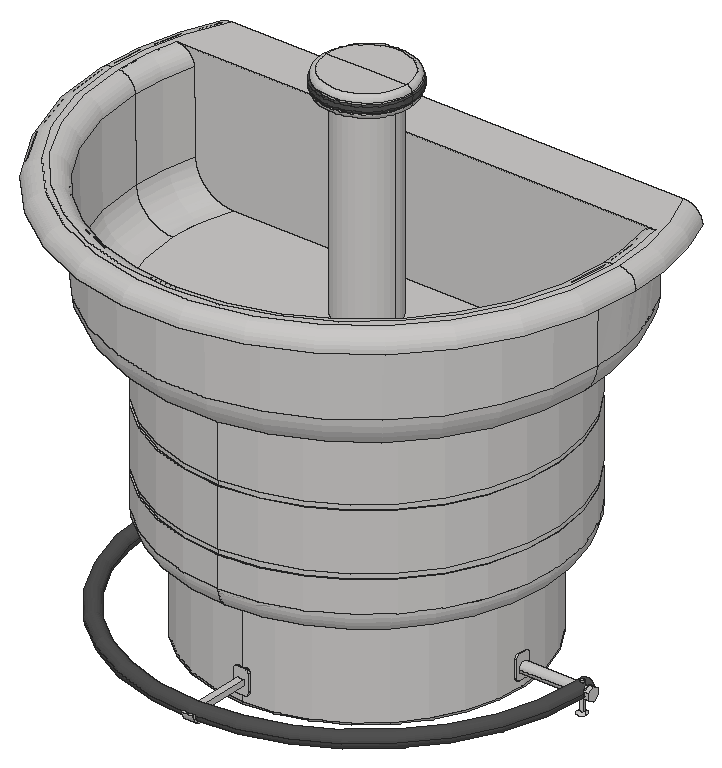
Revit family "Washfountain_Lavatory-Bradley_Corp-WF2703-Type_A_Drain", category Plumbing Fixtures, Revit 2012 (continued)
Automatic sketch dimensions
  curve 108 to curve 10 = 0.250"
  curve 108 to curve 109 = 0.11186"
  curve 10 to curve 116 = 0.73686"
  curve 10 to curve 113 = 1.000"
  curve 113 to curve 111 = 0.86186"
  curve 111 to curve 118 = 0.01928"
  curve 118 to curve 118 = 0.39728"
  curve 118 to curve 118 = 0.31998"
  curve 118 to curve 121 = 0.31998"
  curve 113 to curve 10 = 1.000"
  curve 10 to curve 114 = 0.625"
  curve 120 to curve 10 = 0.29642"
  curve 120 to curve 114 = 2.18152"
  curve 120 to curve 120 = 0.31998"  (x2)
  curve 10 to curve 115 = 3.69333"
  curve 120 to curve 120 = 0.39728"
  curve 114 to curve 112 = 4.76314"
  curve 118 to curve 118 = 0.17193"
  curve 120 to curve 114 = 0.46834"
  curve 121 to curve 115 = 2.89842"
  curve 115 to curve 115 = 1.000"
  curve 10 to curve 114 = 13.12502"
  curve 10 to curve 110 = 14.62567"
  curve 10 to curve 110 = 15.313"
  curve 10 to curve 113 = 15.313"
  curve 108 to curve 109 = 0.000"
  curve 123 to curve 122 = 0.000"
  curve 129 to curve 122 = 0.000"
  curve 130 to curve 122 = 0.000"
  curve 124 to curve 122 = 0.000"
  curve 123 to curve 122 = 2.56458"
  curve 122 to curve 129 = 1.000"
  curve 122 to curve 134 = 1.000"
  curve 122 to curve 133 = 1.000"
  curve 132 to curve 122 = 1.000"
  curve 131 to curve 132 = 0.000"
  curve 130 to curve 122 = 0.99987"
  curve 122 to curve 127 = 2.56458"
  curve 122 to curve 130 = 1.0786"
  curve 128 to curve 127 = 0.500"
  curve 122 to curve 126 = 14.12567"
  curve 126 to curve 125 = 0.500"
  curve 132 to curve 132 = 0.68733"
  curve 125 to curve 124 = 0.68733"
  curve 125 to curve 123 = 0.68733"
  curve 133 to curve 133 = 0.68733"
  curve 135 to curve 136 = 0.000"
  curve 96 to curve 136 = 1.37502"
  curve 96 to curve 136 = 6.02868"
  curve 84 to curve 136 = 6.02868"
  curve 93 to curve 98 = 0.9785"
  curve 93 to curve 103 = 1.17006"
  curve 103 to curve 103 = 0.55422"  (x2)
  curve 103 to curve 136 = 0.29642"
  curve 103 to curve 103 = 0.10867"
  curve 103 to curve 96 = 0.36284"
  curve 101 to curve 93 = 0.43861"
  curve 101 to curve 100 = 0.10867"
  curve 101 to curve 136 = 0.30441"
  curve 136 to curve 102 = 0.24981"
  curve 102 to curve 135 = 0.75019"
  curve 136 to curve 83 = 1.000"
  curve 135 to curve 94 = 0.41987"
  curve 83 to curve 92 = 1.93542"
  curve 92 to curve 91 = 0.12917"
  curve 90 to curve 136 = 1.41987"
  curve 83 to curve 136 = 1.000"
  curve 90 to curve 135 = 0.420"
  curve 105 to curve 136 = 0.35848"
  curve 105 to curve 106 = 0.10867"
  curve 136 to curve 105 = 0.30441"
  curve 136 to curve 86 = 0.52868"
  curve 88 to curve 105 = 0.32994"
  curve 136 to curve 99 = 1.50718"
  curve 104 to curve 97 = 2.42006"
  curve 97 to curve 107 = 0.4715"
  curve 107 to curve 107 = 0.55422"  (x2)
  curve 107 to curve 107 = 0.10867"
  curve 97 to curve 87 = 2.750"
  curve 136 to curve 105 = 0.29642"
  curve 103 to curve 103 = 0.04026"
  curve 105 to curve 105 = 0.04026"
  curve 106 to curve 97 = 1.0786"
  curve 93 to curve 98 = 2.602"
  curve 136 to curve 99 = 3.97702"
  curve 98 to curve 98 = 1.000"
  curve 99 to curve 99 = 1.000"
  curve 136 to curve 96 = 13.12502"
  curve 136 to curve 97 = 13.12502"
  curve 136 to curve 95 = 14.62567"
  curve 136 to curve 88 = 14.62567"
  curve 136 to curve 86 = 15.313"
  Extrusion 21 sketch curve to Extrusion 21 sketch curve = 0.000"  (x6)
  Extrusion 21 sketch curve to plane 12 = 0.000"  (x3)
  plane 3 "Center (Left/Right)" to Extrusion 21 sketch curve = 5.750"
  Extrusion 21 sketch curve to Extrusion 21 sketch curve = 0.87229"
  Extrusion 21 sketch curve to Extrusion 21 sketch curve = 0.25708"  (x5)
  Extrusion 21 sketch curve to Extrusion 21 sketch curve = 0.62063"  (x5)
  plane 12 to Extrusion 21 sketch curve = 0.62063"  (x2)
  Extrusion 21 sketch curve to plane 12 = 0.62063"  (x2)
  Extrusion 22 sketch curve to plane 12 = 0.000"
  plane 3 "Center (Left/Right)" to Extrusion 22 sketch curve = 4.000"
  profile plane to Sweep 23 sketch curve = 0.500"
  profile plane to Sweep 23 sketch curve = 1.42499"
  Extrusion 24 sketch curve to plane 12 = 0.42481"
  Extrusion 24 sketch curve to plane 12 = 0.05332"
  Extrusion 24 sketch curve to plane 12 = 0.05331"
  plane 12 to Extrusion 24 sketch curve = 0.31819"
  level to Extrusion 24 sketch curve = 0.99603"
  Extrusion 24 sketch curve to Extrusion 24 sketch curve = 0.21448"  (x2)
  Extrusion 24 sketch curve to Extrusion 24 sketch curve = 0.42897"  (x2)
  Extrusion 24 sketch curve to Extrusion 24 sketch curve = 0.21449"
  Extrusion 25 sketch curve to plane 12 = 0.42481"
  Extrusion 25 sketch curve to plane 12 = 0.05332"
  Extrusion 25 sketch curve to plane 12 = 0.05331"
  plane 12 to Extrusion 25 sketch curve = 0.31819"
  level to Extrusion 25 sketch curve = 0.99603"
  Extrusion 25 sketch curve to Extrusion 25 sketch curve = 0.21448"  (x2)
  Extrusion 25 sketch curve to Extrusion 25 sketch curve = 0.42897"  (x2)
  Extrusion 25 sketch curve to Extrusion 25 sketch curve = 0.21449"
  Extrusion 26 sketch curve to plane 12 = 0.05331"
  level to Extrusion 26 sketch curve = 1.425"
  Extrusion 27 sketch curve to plane 12 = 0.05331"
  level to Extrusion 27 sketch curve = 1.42499"
  Extrusion 28 sketch curve to plane 12 = 0.000"  (x2)
  plane 4 "Left" to Extrusion 28 sketch curve = 3.42187"
  Extrusion 28 sketch curve to plane 5 "Right" = 3.42187"
  Blend 29 sketch curve to plane 12 = 0.000"  (x2)
  plane 4 "Left" to Blend 29 sketch curve = 3.42187"  (x2)
  Blend 30 sketch curve to plane 12 = 0.000"  (x2)
  Blend 30 sketch curve to plane 5 "Right" = 3.42187"  (x2)
  Masking region 27 sketch curve to curve 163 = 1.9244"
  Masking region 27 sketch curve to curve 163 = 13.00846"
  curve 163 to Masking region 27 sketch curve = 1.100"
  Masking region 27 sketch curve to Masking region 27 sketch curve = 0.80046"
  Masking region 27 sketch curve to curve 163 = 0.92558"
  curve 163 to Masking region 27 sketch curve = 13.00846"
  Extrusion 31 sketch curve to plane 12 = 0.55331"
  Extrusion 31 sketch curve to plane 12 = 0.30331"  (x2)
  plane 12 to Extrusion 31 sketch curve = 0.19669"  (x2)
  Extrusion 31 sketch curve to Extrusion 31 sketch curve = 0.250"
  level to Extrusion 31 sketch curve = 0.671"
  Extrusion 31 sketch curve to Extrusion 31 sketch curve = 1.125"
  Extrusion 32 sketch curve to plane 12 = 0.55331"
  Extrusion 32 sketch curve to plane 12 = 0.30331"
  Extrusion 32 sketch curve to Extrusion 32 sketch curve = 0.250"  (x2)
  plane 12 to Extrusion 32 sketch curve = 0.19669"  (x2)
  level to Extrusion 32 sketch curve = 0.671"
  Extrusion 32 sketch curve to Extrusion 32 sketch curve = 1.125"
  Masking region 28 sketch curve to Masking region 28 sketch curve = 0.000"  (x12)
  Masking region 28 sketch curve to level = 0.000"  (x2)
  plane 4 "Left" to Masking region 28 sketch curve = 2.67187"
  Masking region 28 sketch curve to Masking region 28 sketch curve = 0.3125"  (x2)
  Masking region 28 sketch curve to Masking region 28 sketch curve = 0.1105"
  Masking region 28 sketch curve to Masking region 28 sketch curve = 0.1734"
  Masking region 28 sketch curve to Masking region 28 sketch curve = 0.17342"
  Masking region 28 sketch curve to Masking region 28 sketch curve = 0.14408"
  Masking region 28 sketch curve to Masking region 28 sketch curve = 0.207"  (x5)
  Masking region 28 sketch curve to Masking region 28 sketch curve = 0.18967"
  Masking region 28 sketch curve to Masking region 28 sketch curve = 0.240"  (x4)
  Masking region 28 sketch curve to Masking region 28 sketch curve = 3.84177"
  Masking region 28 sketch curve to Masking region 28 sketch curve = 0.125"  (x2)
  level to Masking region 28 sketch curve = 2.296"
  Masking region 28 sketch curve to plane 5 "Right" = 7.50863"
  Masking region 28 sketch curve to Masking region 28 sketch curve = 3.63477"
  Masking region 28 sketch curve to Masking region 28 sketch curve = 0.05033"
  level to Masking region 28 sketch curve = 0.1445"  (x4)
  Masking region 28 sketch curve to Masking region 28 sketch curve = 0.14409"  (x2)
  Masking region 28 sketch curve to Masking region 28 sketch curve = 0.20127"  (x2)
  Masking region 28 sketch curve to Masking region 28 sketch curve = 0.33574"
  level to Masking region 28 sketch curve = 0.671"  (x2)
  Masking region 28 sketch curve to Masking region 28 sketch curve = 0.78363"  (x2)
  Masking region 28 sketch curve to Masking region 28 sketch curve = 0.03488"  (x2)
  Masking region 28 sketch curve to Masking region 28 sketch curve = 0.03303"  (x2)
  Masking region 28 sketch curve to Masking region 28 sketch curve = 0.05746"
  Masking region 28 sketch curve to Masking region 28 sketch curve = 0.05747"  (x2)
  Masking region 28 sketch curve to Masking region 28 sketch curve = 0.05748"
  Masking region 28 sketch curve to Masking region 28 sketch curve = 0.09048"
  Masking region 28 sketch curve to Masking region 28 sketch curve = 0.09049"
  Masking region 28 sketch curve to Masking region 28 sketch curve = 0.07813"
  Masking region 28 sketch curve to Masking region 28 sketch curve = 0.11301"
  Masking region 28 sketch curve to Masking region 28 sketch curve = 1.625"
  level to Masking region 29 sketch curve = 1.9244"
  plane 14 "Front" to Masking region 29 sketch curve = 3.82788"
  plane 12 to Masking region 29 sketch curve = 0.500"
  Masking region 29 sketch curve to Masking region 29 sketch curve = 0.49941"
  Extrusion 33 sketch curve to Extrusion 33 sketch curve = 0.000"  (x4)
  level to Extrusion 33 sketch curve = 1.42499"
  plane 14 "Front" to Extrusion 33 sketch curve = 3.22848"
  Extrusion 33 sketch curve to Extrusion 33 sketch curve = 0.050"
  Extrusion 33 sketch curve to Extrusion 33 sketch curve = 0.49941"
  Extrusion 33 sketch curve to Extrusion 33 sketch curve = 0.45761"
  level to Extrusion 34 sketch curve = 1.42499"
  plane 14 "Front" to Extrusion 34 sketch curve = 3.82788"
  Extrusion 34 sketch curve to Extrusion 34 sketch curve = 0.56506"
  Extrusion 34 sketch curve to Extrusion 34 sketch curve = 0.000"
  level to Extrusion 34 sketch curve = 1.62499"
  Extrusion 34 sketch curve to Extrusion 34 sketch curve = 3.32401"
  Masking region 32 sketch curve to plane 1 "Center (Front/Back)" = 0.000"
  Masking region 32 sketch curve to plane 5 "Right" = 1.41931"
  curve 13 to curve 172 = 0.000"  (x2)
  curve 172 to curve 175 = 2.64121"
  plane 1 "Center (Front/Back)" to curve 174 = 3.4965"
  plane 12 to curve 174 = 2.14004"
  curve 174 to curve 174 = 2.64121"
  plane 12 to curve 172 = 2.14004"
  curve 149 to plane 12 = 0.000"
  curve 149 to plane 3 "Center (Left/Right)" = 0.000"
  plane 12 to curve 150 = 0.500"
  plane 12 to curve 151 = 0.500"
  plane 12 to Masking region 33 sketch curve = 1.13814"  (x2)
  plane 12 to Masking region 33 sketch curve = 3.13814"
  Masking region 33 sketch curve to Masking region 33 sketch curve = 3.4641"  (x2)
  Masking region 33 sketch curve to Masking region 33 sketch curve = 0.06458"  (x2)
  plane 3 "Center (Left/Right)" to Masking region 33 sketch curve = 3.52868"
  plane 3 "Center (Left/Right)" to Masking region 33 sketch curve = 0.06458"
  Masking region 33 sketch curve to plane 3 "Center (Left/Right)" = 0.06458"
  Masking region 33 sketch curve to plane 3 "Center (Left/Right)" = 5.500"
  plane 12 to Masking region 33 sketch curve = 3.250"
  Masking region 33 sketch curve to Masking region 33 sketch curve = 0.11186"
  Masking region 33 sketch curve to Masking region 33 sketch curve = 2.000"
  plane 12 to curve 183 = 2.26314"
  plane 3 "Center (Left/Right)" to curve 183 = 7.08013"
  curve 183 to curve 182 = 1.51554"
  plane 3 "Center (Left/Right)" to curve 183 = 1.58013"
  plane 3 "Center (Left/Right)" to curve 182 = 0.06458"
  curve 181 to plane 3 "Center (Left/Right)" = 0.06458"
  curve 180 to plane 3 "Center (Left/Right)" = 1.58013"
  curve 181 to plane 3 "Center (Left/Right)" = 5.56458"
  plane 12 to curve 180 = 2.26314"
  curve 181 to curve 180 = 1.51554"
  curve 181 to curve 180 = 0.875"  (x2)
  curve 182 to curve 183 = 0.875"  (x2)
  curve 182 to plane 12 = 6.38814"
  curve 181 to curve 182 = 0.000"
  Masking region 34 sketch curve to plane 12 = 0.000"
  Masking region 34 sketch curve to plane 3 "Center (Left/Right)" = 0.000"
  plane 12 to Masking region 34 sketch curve = 2.250"
  plane 3 "Center (Left/Right)" to Masking region 34 sketch curve = 6.20569"
  plane 4 "Left" to curve 150 = 2.99154"
  curve 13 to curve 176 = 0.000"  (x2)
  curve 174 to curve 177 = 0.000"  (x2)
  curve 175 to curve 178 = 0.000"  (x2)
  curve 178 to curve 178 = 0.75958"
  curve 178 to curve 176 = 0.03579"
  curve 174 to curve 176 = 0.78132"
  curve 179 to curve 175 = 0.78315"
  curve 176 to curve 178 = 0.17716"
  curve 186 to plane 12 = 0.000"
  curve 186 to plane 3 "Center (Left/Right)" = 0.000"
  curve 187 to curve 186 = 4.15684"
  curve 185 to curve 185 = 2.250"
  curve 187 to curve 186 = 2.250"
  curve 7 to curve 44 = 1.00047"
  curve 44 to curve 7 = 3.13971"
  curve 45 to curve 44 = 0.000"  (x2)
  curve 44 to curve 46 = 0.1567"
  curve 46 to curve 47 = 0.05262"
  curve 47 to curve 48 = 0.05262"
  curve 48 to curve 49 = 0.06777"
  curve 7 to curve 49 = 2.810"
  curve 49 to curve 48 = 0.06777"
  curve 48 to curve 47 = 0.05262"
  curve 47 to curve 46 = 0.05262"
  curve 46 to curve 44 = 0.1567"
  curve 46 to curve 44 = 0.64189"
  curve 47 to curve 46 = 1.250"
  curve 48 to curve 47 = 1.250"
  curve 49 to curve 48 = 1.250"
  curve 7 to curve 45 = 0.37529"
  Extrusion 38 sketch curve to plane 3 "Center (Left/Right)" = 0.500"
  Extrusion 38 sketch curve to plane 3 "Center (Left/Right)" = 0.250"  (x2)
  plane 3 "Center (Left/Right)" to Extrusion 38 sketch curve = 0.250"  (x2)
  Extrusion 38 sketch curve to Extrusion 38 sketch curve = 0.250"
  level to Extrusion 38 sketch curve = 0.671"
  Extrusion 38 sketch curve to Extrusion 38 sketch curve = 1.125"
  Masking region 30 sketch curve to Masking region 30 sketch curve = 0.000"  (x6)
  Masking region 30 sketch curve to level = 0.000"
  plane 14 "Front" to Masking region 30 sketch curve = 3.22848"
  Masking region 30 sketch curve to Masking region 30 sketch curve = 0.050"
  Masking region 30 sketch curve to Masking region 30 sketch curve = 0.49941"
  level to Masking region 30 sketch curve = 0.92558"  (x2)
  Masking region 30 sketch curve to Masking region 30 sketch curve = 3.55758"
  Masking region 30 sketch curve to Masking region 30 sketch curve = 0.125"  (x2)
  Masking region 30 sketch curve to plane 12 = 0.55349"
  Masking region 30 sketch curve to plane 12 = 0.55331"
  Masking region 30 sketch curve to Masking region 30 sketch curve = 0.1285"
  Masking region 30 sketch curve to plane 12 = 0.32637"
  Masking region 30 sketch curve to plane 12 = 0.30331"
  Masking region 30 sketch curve to plane 12 = 0.30215"
  Masking region 30 sketch curve to plane 12 = 0.120"
  Masking region 30 sketch curve to plane 12 = 0.05332"
  Masking region 30 sketch curve to plane 12 = 0.05331"
  plane 12 to Masking region 30 sketch curve = 0.120"
  plane 12 to Masking region 30 sketch curve = 0.19559"
  plane 12 to Masking region 30 sketch curve = 0.19669"
  Masking region 30 sketch curve to Masking region 30 sketch curve = 0.1226"
  Masking region 30 sketch curve to Masking region 30 sketch curve = 0.20637"
  Masking region 30 sketch curve to Masking region 30 sketch curve = 0.250"
  Masking region 30 sketch curve to Masking region 30 sketch curve = 0.25134"
  level to Masking region 30 sketch curve = 0.1445"  (x2)
  Masking region 30 sketch curve to Masking region 30 sketch curve = 0.25458"
  Masking region 30 sketch curve to Masking region 30 sketch curve = 0.5265"
  Masking region 30 sketch curve to Masking region 30 sketch curve = 0.25136"
  Masking region 30 sketch curve to Masking region 30 sketch curve = 0.07367"
  Masking region 30 sketch curve to Masking region 30 sketch curve = 0.28493"  (x2)
  Masking region 30 sketch curve to Masking region 30 sketch curve = 0.42897"  (x2)
  Masking region 30 sketch curve to Masking region 30 sketch curve = 0.21449"
  Masking region 30 sketch curve to Masking region 30 sketch curve = 0.99881"
  Masking region 30 sketch curve to Masking region 30 sketch curve = 0.28491"
  Masking region 30 sketch curve to Masking region 30 sketch curve = 0.1216"
  Masking region 30 sketch curve to Masking region 30 sketch curve = 0.3716"
  curve 163 to Masking region 31 sketch curve = 1.000"
  Masking region 31 sketch curve to Masking region 31 sketch curve = 0.00039"
  Masking region 31 sketch curve to Masking region 31 sketch curve = 0.09961"
  Masking region 31 sketch curve to Masking region 31 sketch curve = 0.250"  (x2)
  Masking region 31 sketch curve to Masking region 31 sketch curve = 0.49837"
  Masking region 31 sketch curve to Masking region 31 sketch curve = 0.500"
  Masking region 31 sketch curve to Masking region 31 sketch curve = 0.09932"
  Masking region 31 sketch curve to curve 163 = 0.67509"
  Masking region 31 sketch curve to Masking region 31 sketch curve = 0.54936"
  Masking region 31 sketch curve to Masking region 31 sketch curve = 0.44941"
  Masking region 31 sketch curve to Masking region 31 sketch curve = 0.1216"
  Masking region 31 sketch curve to Masking region 31 sketch curve = 0.000"
  Masking region 31 sketch curve to Masking region 31 sketch curve = 0.15088"
  Masking region 31 sketch curve to Masking region 31 sketch curve = 0.09954"
  curve 163 to curve 192 = 1.100"
  curve 191 to curve 191 = 0.80046"
  curve 190 to curve 163 = 0.82558"
  curve 191 to curve 192 = 0.100"
  curve 190 to curve 190 = 0.100"
  Extrusion 36 sketch curve to curve 7 = 1.500"
  Extrusion 36 sketch curve to curve 7 = 0.500"
  Extrusion 36 sketch curve to curve 7 = 32.304"
  Extrusion 36 sketch curve to curve 7 = 30.304"
  Split face 3 sketch curve to cut or joined group of Revolve 11, Extrusion 13 = 0.000"  (x3)
  Revolve 39 sketch curve to curve 7 = 0.000"
  Revolve 39 sketch curve to Revolve 39 sketch curve = 0.000"
  Revolve 39 sketch curve to curve 7 = 3.13971"
  Revolve 39 sketch curve to Revolve 39 sketch curve = 0.06598"
  Revolve 39 sketch curve to Revolve 39 sketch curve = 2.30326"
  Revolve 39 sketch curve to Revolve 39 sketch curve = 2.94627"
  Extrusion 40 sketch curve to curve 7 = 0.000"
  Extrusion 40 sketch curve to curve 7 = 3.20569"
  Extrusion 40 sketch curve to Extrusion 40 sketch curve = 0.06598"  (x2)
  curve 7 to Extrusion 40 sketch curve = 3.13971"
  curve 6 to Masking region 37 sketch curve = 1.57537"
  Masking region 37 sketch curve to Masking region 37 sketch curve = 0.400"
  Masking region 37 sketch curve to curve 6 = 1.79013"
  curve 6 to Masking region 37 sketch curve = 0.79013"
  Masking region 38 sketch curve to curve 6 = 1.54013"
  Masking region 38 sketch curve to Masking region 38 sketch curve = 0.500"
  plane 4 "Left" to curve 165 = 2.67187"
  curve 166 to curve 165 = 0.000"
  curve 166 to curve 164 = 0.3125"
  level to curve 167 = 0.1445"
  curve 164 to curve 167 = 0.3175"
  curve 167 to curve 167 = 0.240"
  curve 167 to curve 164 = 0.909"
  curve 164 to curve 166 = 0.15701"
  curve 166 to curve 165 = 0.42897"
  curve 165 to curve 164 = 0.15701"
  level to curve 171 = 0.1445"
  curve 171 to plane 5 "Right" = 3.54187"
  curve 171 to curve 171 = 0.240"
  curve 171 to curve 169 = 0.34536"
  curve 168 to curve 168 = 0.33574"
  curve 170 to curve 170 = 0.33574"
  curve 171 to curve 169 = 0.90899"
  curve 169 to curve 170 = 0.15702"
  curve 170 to curve 168 = 0.42897"
  curve 168 to curve 169 = 0.15701"
  Sweep 1 sketch curve to Sweep 1 sketch curve = 0.000"  (x8)
  Sweep 1 sketch curve to profile plane = 0.000"  (x2)
  profile plane to Sweep 1 sketch curve = 0.00001"
  Sweep 1 sketch curve to profile plane = 0.11999"
  Sweep 1 sketch curve to profile plane = 1.12499"
  Sweep 1 sketch curve to Sweep 1 sketch curve = 0.410"
  profile plane to Sweep 1 sketch curve = 0.00011"
  Sweep 1 sketch curve to Sweep 1 sketch curve = 1.005"
  Sweep 1 sketch curve to profile plane = 2.58748"
  Sweep 1 sketch curve to profile plane = 1.125"
  Sweep 1 sketch curve to Sweep 1 sketch curve = 0.11996"
  Sweep 1 sketch curve to Sweep 1 sketch curve = 2.49334"
  Sweep 1 sketch curve to Sweep 1 sketch curve = 11.13252"
  Sweep 1 sketch curve to Sweep 1 sketch curve = 0.120"
  Sweep 1 sketch curve to Sweep 1 sketch curve = 2.31283"
  Sweep 1 sketch curve to Sweep 1 sketch curve = 0.00025"
  Sweep 1 sketch curve to Sweep 1 sketch curve = 0.00011"
  Sweep 3 sketch curve to profile plane = 0.000"  (x2)
  Sweep 3 sketch curve to profile plane = 0.120"  (x2)
  Sweep 3 sketch curve to Sweep 3 sketch curve = 2.41999"
  Sweep 3 sketch curve to Sweep 3 sketch curve = 0.120"  (x2)
  Sweep 3 sketch curve to Sweep 3 sketch curve = 13.67331"
  Sweep 3 sketch curve to Sweep 3 sketch curve = 1.005"
  Masking region 18 sketch curve to plane 1 "Center (Front/Back)" = 0.000"
  plane 14 "Front" to Masking region 18 sketch curve = 2.540"
  Masking region 18 sketch curve to plane 10 "Rim Height" = 1.125"
  plane 14 "Front" to Masking region 18 sketch curve = 0.00001"
  Masking region 17 sketch curve to plane 14 "Front" = 0.000"
  Masking region 17 sketch curve to plane 1 "Center (Front/Back)" = 0.000"
  plane 14 "Front" to Masking region 17 sketch curve = 1.125"
  plane 14 "Front" to Masking region 17 sketch curve = 2.58749"
  Masking region 17 sketch curve to Masking region 17 sketch curve = 1.415"
  Masking region 17 sketch curve to Masking region 17 sketch curve = 2.61331"
  plane 11 "Pedestal Height" to Masking region 17 sketch curve = 2.43283"
  Masking region 13 sketch curve to plane 4 "Left" = 0.000"
  Masking region 13 sketch curve to plane 10 "Rim Height" = 0.000"  (x2)
  Masking region 13 sketch curve to plane 11 "Pedestal Height" = 0.000"
  Masking region 13 sketch curve to plane 5 "Right" = 0.000"
  plane 10 "Rim Height" to Masking region 13 sketch curve = 0.00019"
  plane 4 "Left" to Masking region 13 sketch curve = 1.125"
  Masking region 13 sketch curve to Masking region 13 sketch curve = 1.125"
  Masking region 13 sketch curve to Masking region 13 sketch curve = 1.415"  (x2)
  plane 4 "Left" to Masking region 13 sketch curve = 2.58749"
  Masking region 13 sketch curve to Masking region 13 sketch curve = 2.61331"
  Masking region 13 sketch curve to plane 5 "Right" = 5.20079"
  Masking region 13 sketch curve to plane 5 "Right" = 2.58749"
  Masking region 13 sketch curve to plane 10 "Rim Height" = 1.125"
  Masking region 13 sketch curve to Masking region 13 sketch curve = 0.000"
  plane 11 "Pedestal Height" to Masking region 13 sketch curve = 2.43283"  (x2)
  Masking region 14 sketch curve to plane 4 "Left" = 0.000"
  Masking region 14 sketch curve to plane 11 "Pedestal Height" = 0.000"
  Masking region 14 sketch curve to plane 5 "Right" = 0.000"
  Masking region 14 sketch curve to plane 10 "Rim Height" = 0.000"
  plane 4 "Left" to Masking region 14 sketch curve = 2.25999"
  Masking region 14 sketch curve to plane 10 "Rim Height" = 1.125"  (x2)
  Masking region 14 sketch curve to Masking region 14 sketch curve = 2.25999"
  Extrusion 43 sketch curve to Extrusion 43 sketch curve = 0.000"  (x2)
  Extrusion 43 sketch curve to plane 3 "Center (Left/Right)" = 0.000"
  plane 12 to Extrusion 43 sketch curve = 4.2007"
  Extrusion 43 sketch curve to plane 5 "Right" = 2.97042"
  Extrusion 43 sketch curve to plane 1 "Center (Front/Back)" = 0.000"
  Extrusion 43 sketch curve to plane 5 "Right" = 4.43821"
  plane 4 "Left" to Extrusion 43 sketch curve = 4.43821"
  plane 4 "Left" to Extrusion 44 sketch curve = 1.65758"
  Sweep 45 sketch curve to profile plane = 0.05999"
  Sweep 45 sketch curve to profile plane = 0.060"
  Sweep 45 sketch curve to profile plane = 1.12499"
  Sweep 45 sketch curve to Sweep 45 sketch curve = 0.000"  (x2)
  Sweep 45 sketch curve to profile plane = 0.06025"
  Sweep 45 sketch curve to Sweep 45 sketch curve = 0.410"
  Sweep 45 sketch curve to Sweep 45 sketch curve = 1.065"
  Sweep 45 sketch curve to profile plane = 2.64746"
  Sweep 45 sketch curve to Sweep 45 sketch curve = 2.55332"
  Sweep 45 sketch curve to Sweep 45 sketch curve = 0.5792"
  Sweep 45 sketch curve to Sweep 45 sketch curve = 0.00025"
  Sweep 45 sketch curve to Sweep 45 sketch curve = 5.25501"
  Sweep 45 sketch curve to Sweep 45 sketch curve = 0.18475"
  Sweep 45 sketch curve to Sweep 45 sketch curve = 0.060"
  Sweep 45 sketch curve to Sweep 45 sketch curve = 0.00036"
  Extrusion 44 sketch curve to plane 1 "Center (Front/Back)" = 0.000"
  plane 3 "Center (Left/Right)" to Extrusion 44 sketch curve = 1.500"
  Extrusion 44 sketch curve to Extrusion 44 sketch curve = 1.48834"  (x2)
  Extrusion 44 sketch curve to plane 5 "Right" = 3.14592"
  Extrusion 44 sketch curve to plane 12 = 0.0533"
  Extrusion 44 sketch curve to plane 3 "Center (Left/Right)" = 1.500"
  curve 66 to level = 0.000"
  curve 66 to plane 3 "Center (Left/Right)" = 0.000"
  plane 3 "Center (Left/Right)" to curve 162 = 0.400"
  plane 3 "Center (Left/Right)" to curve 70 = 1.023"
  curve 69 to curve 162 = 1.635"
  curve 26 to plane 5 "Right" = 7.72264"
  curve 25 to curve 26 = 0.21401"
  curve 30 to plane 5 "Right" = 5.52592"
  curve 27 to curve 25 = 1.98272"
  curve 32 to curve 30 = 0.000"
  curve 29 to curve 27 = 0.000"
  curve 31 to curve 32 = 0.000"  (x2)
  curve 28 to curve 29 = 0.000"  (x2)
  curve 33 to plane 5 "Right" = 2.25999"
  curve 162 to plane 3 "Center (Left/Right)" = 0.40046"
  curve 68 to plane 3 "Center (Left/Right)" = 1.023"
  curve 162 to curve 67 = 1.63454"
  plane 4 "Left" to curve 26 = 7.72264"
  curve 26 to curve 25 = 0.21401"
  plane 4 "Left" to curve 32 = 5.52592"
  curve 30 to curve 32 = 0.000"
  curve 29 to curve 30 = 0.000"
  curve 27 to curve 28 = 0.000"
  plane 4 "Left" to curve 33 = 2.25999"
  level to curve 162 = 0.92558"
  level to curve 69 = 1.069"
  level to curve 67 = 1.069"
  curve 69 to curve 70 = 4.007"
  curve 68 to curve 70 = 0.000"
  curve 26 to curve 27 = 3.92692"
  curve 26 to curve 25 = 0.31292"
  curve 28 to curve 29 = 0.1875"
  curve 31 to curve 32 = 0.1875"
  curve 5 to plane 12 = 0.000"
  curve 6 to plane 3 "Center (Left/Right)" = 0.000"
  plane 3 "Center (Left/Right)" to curve 195 = 1.500"
  plane 3 "Center (Left/Right)" to curve 5 = 3.000"
  curve 195 to plane 3 "Center (Left/Right)" = 1.500"
  curve 5 to plane 3 "Center (Left/Right)" = 3.000"
  plane 12 to curve 6 = 3.000"
  curve 6 to plane 12 = 3.000"
  curve 195 to plane 14 "Front" = 1.500"
  curve 43 to curve 5 = 1.57537"
  curve 5 to curve 42 = 0.56538"
  curve 43 to curve 42 = 0.0755"
  curve 5 to curve 41 = 1.00013"
  curve 41 to curve 5 = 1.00013"
  curve 5 to curve 42 = 1.49987"
  curve 42 to curve 43 = 0.0755"
  curve 43 to curve 42 = 1.4495"
  curve 41 to curve 5 = 2.84038"
  curve 195 to curve 196 = 1.500"
  curve 71 to level = 0.000"
  curve 71 to plane 12 = 0.000"
  curve 24 to plane 1 "Center (Front/Back)" = 0.000"
  curve 23 to plane 1 "Center (Front/Back)" = 0.000"
  curve 22 to plane 1 "Center (Front/Back)" = 0.000"
  curve 21 to plane 1 "Center (Front/Back)" = 0.000"
  curve 20 to plane 1 "Center (Front/Back)" = 0.000"
  curve 19 to plane 1 "Center (Front/Back)" = 0.000"
  curve 18 to plane 1 "Center (Front/Back)" = 0.000"
  curve 17 to plane 1 "Center (Front/Back)" = 0.000"
  curve 16 to plane 1 "Center (Front/Back)" = 0.000"
  curve 156 to plane 12 = 0.05331"
  curve 155 to plane 12 = 0.120"
  curve 161 to plane 12 = 0.120"
  curve 158 to plane 12 = 0.120"
  curve 75 to plane 12 = 0.96986"
  curve 74 to curve 161 = 1.86186"
  plane 14 "Front" to curve 23 = 8.05596"
  curve 22 to curve 23 = 0.21401"
  plane 14 "Front" to curve 16 = 5.86393"
  curve 17 to curve 16 = 0.000"
  curve 18 to curve 16 = 0.000"
  curve 19 to curve 17 = 0.0047"
  curve 20 to curve 19 = 0.000"
  curve 21 to curve 19 = 0.000"
  plane 14 "Front" to curve 24 = 2.53001"
  plane 12 to curve 157 = 0.120"
  plane 12 to curve 160 = 0.120"
  plane 12 to curve 155 = 0.120"
  plane 12 to curve 73 = 0.96986"
  curve 160 to curve 72 = 1.86186"
  level to curve 155 = 0.1445"
  curve 155 to curve 160 = 0.52704"
  curve 161 to curve 160 = 0.000"  (x2)
  curve 160 to curve 160 = 0.25404"
  level to curve 72 = 1.069"
  level to curve 74 = 1.069"
  curve 161 to curve 156 = 0.49942"
  curve 156 to curve 159 = 0.4994"
  curve 158 to curve 159 = 0.000"
  curve 159 to curve 159 = 0.07559"
  curve 157 to curve 73 = 3.07601"
  curve 75 to curve 73 = 0.000"
  curve 73 to curve 71 = 0.96995"
  curve 23 to curve 22 = 0.31292"
  curve 22 to curve 20 = 3.614"
  curve 20 to curve 21 = 0.1875"
  curve 21 to curve 19 = 0.1875"
  curve 19 to curve 17 = 3.8125"
  curve 17 to curve 18 = 0.1875"
  curve 18 to curve 16 = 0.1875"
  radius of curve 13 = 18.280"
  radius of curve 138 = 1.750"
  radius of curve 139 = 1.250"
  radius of curve 140 = 0.1842"
  radius of curve 141 = 0.1842"
  radius of curve 142 = 0.1842"
  radius of curve 143 = 0.1842"
  radius of curve 144 = 0.1842"
  radius of curve 145 = 0.1842"
  radius of curve 146 = 0.1842"
  radius of curve 147 = 0.1842"
  radius of curve 148 = 0.1842"
  radius of Extrusion 15 sketch curve = 2.000"
  radius of Extrusion 18 sketch curve = 2.000"
  radius of Extrusion 21 sketch curve = 0.1842"  (x9)
  radius of Extrusion 22 sketch curve = 1.750"
  radius of curve 137 to Extrusion 21 = 0.500"
  radius of Sweep 23 sketch curve = 0.49941"
  radius of Extrusion 26 sketch curve = 0.3715"
  radius of Extrusion 27 sketch curve = 0.3715"
  radius of Extrusion 28 sketch curve = 0.120"  (x2)
  radius of Blend 29 sketch curve = 0.120"
  radius of Blend 29 sketch curve = 0.327"
  radius of Blend 30 sketch curve = 0.120"
  radius of Blend 30 sketch curve = 0.327"
  radius of curve 184 = 2.000"
  radius of Masking region 35 sketch curve = 4.57537"
  radius of curve 188 = 3.750"
  radius of Masking region 36 sketch curve = 3.12487"
  radius of curve 189 = 2.750"
  radius of Extrusion 41 sketch curve = 0.500"
  radius of Extrusion 42 sketch curve = 0.250"
  radius of curve 193 to Extrusion 21 = 0.500"
  radius of curve 67 = 0.350"
  radius of curve 68 = 0.350"
  radius of curve 69 = 0.350"
  radius of curve 70 = 0.350"
  radius of curve 196 = 0.500"
  radius of curve 72 = 0.350"
  radius of curve 73 = 0.350"
  radius of curve 74 = 0.350"
  radius of curve 75 = 0.350"
  radius of curve 156 = 0.36122"
Connectors (in)
  piping at (-7.625, 0, 12), driven by "Hot Lavatory Inlet Primary Radius", driven by "HWFU"
    settings: on Extrusion 36, index 1, connector radius 1/2", flow factor 0, pipe flow 0.0 GPM, pressure drop 0.0 psi, fitting loss kfactor 0, connector angle 0.00°, fixture units 0, engagement length 0.000", flow configuration 3, flow direction 1, fitting loss method 0, system type 19, joint type 0, gender type 0, connector reference index -1, connector utility 0, adjustable connector no, is connector primary yes, fitting loss table "", connector description "Hot Lavatory Inlet Primary"
  piping at (7.625, 0, 12), driven by "Cold Lavatory Inlet Primary Radius", driven by "CWFU"
    settings: on Extrusion 36, index 2, connector radius 1/2", flow factor 0, pipe flow 0.0 GPM, pressure drop 0.0 psi, fitting loss kfactor 0, connector angle 0.00°, fixture units 0, engagement length 0.000", flow configuration 3, flow direction 1, fitting loss method 0, system type 20, joint type 0, gender type 0, connector reference index -1, connector utility 0, adjustable connector no, is connector primary no, fitting loss table "", connector description "Cold Lavatory Inlet Primary"
  piping at (4, 0, 12), driven by "Drain Primary Radius", driven by "WFU"
    settings: on Extrusion 46, index 3, connector radius 1", flow factor 0, pipe flow 0.0 GPM, pressure drop 0.0 psi, fitting loss kfactor 0, connector angle 0.00°, fixture units 0, engagement length 0.000", flow configuration 3, flow direction 2, fitting loss method 0, system type 16, joint type 0, gender type 0, connector reference index -1, connector utility 0, adjustable connector yes, is connector primary no, fitting loss table "", connector description "Drain Primary"
  piping at (-7.625, -4.5, 0), driven by "Hot Lavatory Inlet Secondary Radius", driven by "HWFU"
    settings: on Extrusion 37, index 4, connector radius 1/2", flow factor 0, pipe flow 0.0 GPM, pressure drop 0.0 psi, fitting loss kfactor 0, connector angle 0.00°, fixture units 0, engagement length 0.000", flow configuration 3, flow direction 1, fitting loss method 0, system type 19, joint type 0, gender type 0, connector reference index -1, connector utility 0, adjustable connector no, is connector primary no, fitting loss table "", connector description "Hot Lavatory Inlet Secondary"
  piping at (7.625, -4.5, 0), driven by "Cold Lavatory Inlet Secondary Radius", driven by "CWFU"
    settings: on Extrusion 37, index 5, connector radius 1/2", flow factor 0, pipe flow 0.0 GPM, pressure drop 0.0 psi, fitting loss kfactor 0, connector angle 0.00°, fixture units 0, engagement length 0.000", flow configuration 3, flow direction 1, fitting loss method 0, system type 20, joint type 0, gender type 0, connector reference index -1, connector utility 0, adjustable connector no, is connector primary no, fitting loss table "", connector description "Cold Lavatory Inlet Secondary"
  piping at (4, -7.75, 0), driven by "Drain Secondary Radius", driven by "WFU"
    settings: on Extrusion 35, index 6, connector radius 1", flow factor 0, pipe flow 0.0 GPM, pressure drop 0.0 psi, fitting loss kfactor 0, connector angle 0.00°, fixture units 0, engagement length 0.000", flow configuration 3, flow direction 2, fitting loss method 0, system type 16, joint type 0, gender type 0, connector reference index -1, connector utility 0, adjustable connector yes, is connector primary no, fitting loss table "", connector description "Drain Secondary"
  electrical at (-4, 0, 11.071), driven by "Voltage"
    settings: on Extrusion 36, index 7, voltage 110 V, apparent load 0 VA, apparent load phase1 0 VA, apparent load phase2 0 VA, apparent load phase3 0 VA, power factor 1, load classification "Other", number of poles 1, system type 31, power factor state 1, is connector primary yes, connector utility no, sub classification motor no, connector description ""
